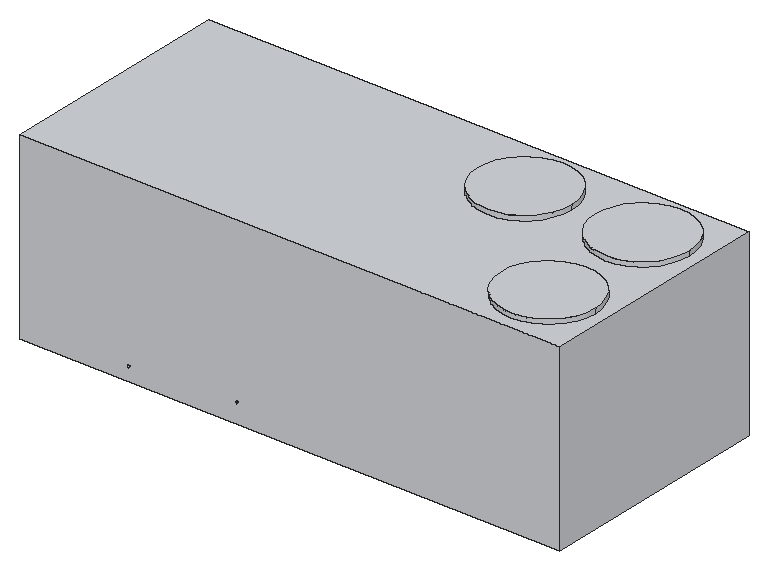
Revit family "M_Unidades AC da cobertura - A gás - 97-176 kW", category Equipamento mecânico, Revit 2019
Family settings
  Cota do conector redondo = Usar raio
  Tipo de parte = Normal
  Número OmniClass = 23.75.10.24.21.27.14
  Título OmniClass = Packaged Rooftop Air Conditioning Units
  ID de item do Seek = Rooftop AC Units - Gas Fired - 97-176 kW-0000-CAN-ENU
  Com base no plano de trabalho = Não
  Sempre na vertical = Sim
  Corte com vazios quando carregada = Não
  Compartilhado = Não
  Ponto de cálculo do ambiente = Não
Parameters (values of type "97 kW")
  Voltagem = 480 V
  Visibilidade 2 = no
  Visibilidade 1 = yes
  Largura da unidade = 2301.9 mm
  Material da unidade = none
  Comprimento da unidade = 5284.8 mm
  Altura da unidade = 1789.1 mm
  Largura de saída do ar de fornecimento = 1350 mm
  Altura de saída do ar de fornecimento = 1800 mm
  Largura da saída do ar de retorno = 600 mm
  Altura da saída do ar de retorno = 1950 mm
  Número de pólos = 3
  Classificação de carga = Refrigeração
  Comprimento 2 = 0.5 * Largura da unidade  # 1150.95 mm
  Comprimento 1 = 0.25 * Largura da unidade  # 575.475 mm
  Saída do aquecimento = 142432.5 W
  Entrada do aquecimento = 175842.6 W
  Raio do gás = Diâmetro do gás / 2  # 15 mm
  Queda de pressão do gás [instance] = 3488.75 Pa
  Fluxo de gás [instance] = 0.0 L/s
  Diâmetro do gás = 30 mm
  Raio do ventilador = Largura da unidade * 0.2  # 460.38 mm
  Raio da drenagem = Diâmetro da drenagem / 2  # 15 mm
  Fluxo da drenagem [instance] = 0.0 L/s
  Diâmetro da drenagem = 30 mm
  Distância = 1308.1 mm
  C4 Deslocamento 2 = 136.5 mm
  C4 Deslocamento 1 = 1066.8 mm
  C3 Deslocamento 1 = 2128.8 mm
  Carga aparente = 11814.4 VA
  Queda de pressão do ar [instance] = 311.05 Pa
  Fluxo de ar [instance] = 5663.37 L/s
Types (6, lengths in mm): name | Visibilidade 2 | Visibilidade 1 | Comprimento da unidade | Altura da unidade | Saída do aquecimento | Entrada do aquecimento | Distância | C4 Deslocamento 2 | C4 Deslocamento 1 | C3 Deslocamento 1 | Carga aparente | Queda de pressão do ar | Fluxo de ar
  (no name) | no | yes | 5284.8 | 1789.1 | 142432.5 W | 175842.6 W | 1308.1 | 136.5 | 1066.8 | 2128.8 | 11814.4 VA | 311.05 Pa | 5663.37 L/s
  97 kW | no | yes | 5284.8 | 1789.1 | 142432.5 W | 175842.6 W | 1308.1 | 136.5 | 1066.8 | 2128.8 | 11814.4 VA | 311.05 Pa | 5663.37 L/s
  105 kW | no | yes | 5284.8 | 1789.1 | 142432.5 W | 175842.6 W | 1308.1 | 136.5 | 1066.8 | 2128.8 | 11814.4 VA | 373.26 Pa | 6135.32 L/s
  123 kW | no | yes | 5284.8 | 1789.1 | 142432.5 W | 175842.6 W | 1308.1 | 136.5 | 1066.8 | 2128.8 | 13083.2 VA | 435.47 Pa | 6843.24 L/s
  141 kW | yes | no | 5902.3 | 1955.8 | 189910 W | 234456.9 W | 1360.5 | 134.9 | 1258.9 | 2371.7 | 13811.2 VA | 497.68 Pa | 8023.11 L/s
  176 kW | yes | no | 5902.3 | 1955.8 | 189910 W | 234456.9 W | 1360.5 | 134.9 | 1258.9 | 2371.7 | 15100.8 VA | 559.89 Pa | 9438.95 L/s
Reference planes
  plane 1 "Centro (Frente/Trás)": y = 0
  plane 2: z = 0
  plane 3 "Centro (Esquerda/Direita)": x = 0
  plane 4: x = 5284.8
  plane 5: y = 2301.9
  plane 6: z = 1789.1
  plane 7: y = 2122.512
  plane 8: y = 172.512
  plane 9: y = 322.512
  plane 10: x = 180.975
  plane 11: x = 780.975
  plane 12: x = 2089.075
  plane 13: x = 3439.075
  plane 14: y = 1150.95
  plane 15: y = 1726.425
  plane 16: y = 575.475
  plane 17: x = 4709.325
  plane 18: x = 3558.375
  plane 19: z = 25.4
  plane 20: z = 1833.55
  plane 21: x = 1066.8
  plane 22: x = 2128.8
  plane 23: z = 192.088
  plane 24: z = 136.5
  plane 25: y = 12.7
  plane 26: z = 254
  plane 27: y = 127
  plane 28: x = 5259.4
Forms (mm)
  Extrusion 1, solid, material <- "Material da unidade"
    sketch origin (0, 0, 0) x (1, 0, 0) y (0, 1, 0)
      loop
        line (0, 2301.9) -> (0, 0) -> (5284.8, 0) -> (5284.8, 2301.9) -> (0, 2301.9)
    from 0 to 1789.1
  Extrusion 2, void
    sketch origin (0, 0, 0) x (1, 0, 0) y (0, 1, 0)
      loop
        line (180.975, 2122.512) -> (180.975, 172.512) -> (780.975, 172.512) -> (780.975, 2122.512) -> (180.975, 2122.512)
      loop
        line (2089.075, 2122.512) -> (2089.075, 322.512) -> (3439.075, 322.512) -> (3439.075, 2122.512) -> (2089.075, 2122.512)
    from 0 to 25.4
  Extrusion 3, solid, material <- "Material da unidade"
    sketch origin (0, 0, 0) x (1, 0, 0) y (0, 1, 0)
      loop
        circle (4709.325, 1726.425) r 460.38
    from 1789.1 to 1833.55
  Extrusion 4, solid, material <- "Material da unidade"
    sketch origin (0, 0, 0) x (1, 0, 0) y (0, 1, 0)
      loop
        circle (4709.325, 575.475) r 460.38
    from 1789.1 to 1833.55
  Extrusion 5, solid, material <- "Material da unidade"
    sketch origin (0, 0, 0) x (1, 0, 0) y (0, 1, 0)
      loop
        circle (3558.375, 1726.425) r 460.38
    from 1789.1 to 1833.55
  Extrusion 6, solid, material <- "Material da unidade", visible <- "Visibilidade 2"
    sketch origin (0, 0, 0) x (1, 0, 0) y (0, 1, 0)
      loop
        circle (3558.375, 575.475) r 460.38
    from 1789.1 to 1833.55
  Extrusion 7, void
    sketch origin (0, 0, 0) x (1, 0, 0) y (0, 0, 1)
      loop
        circle (1066.8, 136.5) r 15
    from -12.7 to 0
  Extrusion 8, void
    sketch origin (0, 0, 0) x (1, 0, 0) y (0, 0, 1)
      loop
        circle (2128.8, 192.088) r 15
    from -12.7 to 0
  Extrusion 9, solid, material <- "Material da unidade"
    sketch origin (0, 0, 0) x (0, 1, 0) y (0, 0, 1)
      loop
        circle (127, 254) r 25.4
    from 5259.4 to 5284.8
Cuts and joins
  Extrusion 2, Extrusion 7, Extrusion 8 cuts Extrusion 1
  joined: Extrusion 1, Extrusion 9
Dimensions and locks
  "Comprimento da unidade": plane 3 "Centro (Esquerda/Direita)" to plane 4
  "Largura da unidade": plane 5 to plane 1 "Centro (Frente/Trás)"
  "Altura da unidade": plane 6 to level
  locked: plane 5 to plane 7 at 179.388
  "Altura da saída do ar de retorno": plane 7 to plane 8
  "Altura de saída do ar de fornecimento": plane 7 to plane 9
  locked: plane 3 "Centro (Esquerda/Direita)" to plane 10 at 180.975
  "Largura da saída do ar de retorno": plane 10 to plane 11
  "Distância": plane 11 to plane 12
  "Largura de saída do ar de fornecimento": plane 12 to plane 13
  equal spacing: plane 5, plane 15, plane 14, plane 16, plane 1 "Centro (Frente/Trás)"
  "Comprimento 1": plane 17 to plane 4
  "Comprimento 2": plane 18 to plane 17
  locked: plane 19 to level at 25.4
  locked: plane 20 to plane 6 at 44.45
  "C4 Deslocamento 1": plane 21 to plane 3 "Centro (Esquerda/Direita)"
  "C3 Deslocamento 1": plane 22 to plane 3 "Centro (Esquerda/Direita)"
  "C4 Deslocamento 2": plane 24 to level
  locked: plane 23 to level at 192.088
  locked: plane 25 to plane 1 "Centro (Frente/Trás)" at 12.7
  locked: plane 1 "Centro (Frente/Trás)" to plane 27 at 127
  locked: plane 26 to level at 254
  locked: plane 28 to plane 4 at 25.4
  "Raio do ventilador": radius of Extrusion 3 sketch curve
  "Raio do ventilador": radius of Extrusion 4 sketch curve
  "Raio do ventilador": radius of Extrusion 5 sketch curve
  "Raio do ventilador": radius of Extrusion 6 sketch curve
  "Raio da drenagem": radius of Extrusion 7 sketch curve
  "Raio do gás": radius of Extrusion 8 sketch curve
  aligned and locked: plane 3 "Centro (Esquerda/Direita)" to Extrusion 1 sketch curve
  aligned and locked: Extrusion 1 sketch curve to plane 5
  aligned and locked: plane 1 "Centro (Frente/Trás)" to Extrusion 1 sketch curve
  aligned and locked: plane 4 to Extrusion 1 sketch curve
  aligned and locked: plane 6 to Extrusion 1
  aligned and locked: Extrusion 1 to plane 2
  aligned and locked: plane 10 to Extrusion 2 sketch curve
  aligned and locked: Extrusion 2 sketch curve to plane 7  (x2)
  aligned and locked: Extrusion 2 sketch curve to plane 11
  aligned and locked: plane 12 to Extrusion 2 sketch curve  (x2)
  aligned and locked: Extrusion 2 sketch curve to plane 13
  aligned and locked: plane 9 to Extrusion 2 sketch curve
  aligned and locked: plane 8 to Extrusion 2 sketch curve
  aligned and locked: plane 15 to Extrusion 3 sketch curve
  aligned and locked: plane 17 to Extrusion 3 sketch curve
  aligned and locked: plane 16 to Extrusion 4 sketch curve
  aligned and locked: plane 17 to Extrusion 4 sketch curve
  aligned and locked: plane 15 to Extrusion 5 sketch curve
  aligned and locked: plane 18 to Extrusion 5 sketch curve
  aligned and locked: plane 16 to Extrusion 6 sketch curve
  aligned and locked: plane 18 to Extrusion 6 sketch curve
  aligned and locked: plane 19 to cut or joined group of Extrusion 1, Extrusion 2, Extrusion 7, Extrusion 8, Extrusion 9
  aligned and locked: plane 2 to cut or joined group of Extrusion 1, Extrusion 2, Extrusion 7, Extrusion 8, Extrusion 9  (x2)
  aligned and locked: cut or joined group of Extrusion 1, Extrusion 2, Extrusion 7, Extrusion 8, Extrusion 9 to plane 19
  aligned and locked: plane 20 to Extrusion 6
  aligned and locked: Extrusion 6 to plane 6
  aligned and locked: plane 20 to Extrusion 5
  aligned and locked: Extrusion 5 to plane 6
  aligned and locked: plane 20 to Extrusion 4
  aligned and locked: Extrusion 4 to plane 6
  aligned and locked: plane 20 to Extrusion 3
  aligned and locked: Extrusion 3 to plane 6
  aligned and locked: plane 24 to Extrusion 7 sketch curve
  aligned and locked: plane 21 to Extrusion 7 sketch curve
  aligned and locked: plane 23 to Extrusion 8 sketch curve
  aligned and locked: plane 22 to Extrusion 8 sketch curve
  aligned and locked: plane 25 to Extrusion 7
  aligned and locked: plane 1 "Centro (Frente/Trás)" to Extrusion 7
  aligned and locked: plane 25 to Extrusion 8
  aligned and locked: plane 1 "Centro (Frente/Trás)" to cut or joined group of Extrusion 1, Extrusion 2, Extrusion 7, Extrusion 8, Extrusion 9  (x2)
  aligned and locked: plane 26 to Extrusion 9 sketch curve
  aligned and locked: Extrusion 9 to plane 4
  aligned and locked: plane 28 to Extrusion 9
  aligned and locked: plane 1 "Centro (Frente/Trás)" to Extrusion 8
Automatic sketch dimensions
  Extrusion 9 sketch curve to plane 27 = 0 mm
  radius of Extrusion 9 sketch curve = 25.4 mm
Connectors
  hvac at (2764.075, 1222.512, 0), driven by "Fluxo de ar", driven by "Altura de saída do ar de fornecimento", driven by "Largura de saída do ar de fornecimento"
    settings: on cut or joined group of Extrusion 1, Extrusion 2, Extrusion 7, Extrusion 8, Extrusion 9, index 1, duct flow 5663.37 L/s, flow factor 0, pres drop 0.0 Pa, loss coef 0, conn angle 0.00°, conn width 1350 mm, conn height 1800 mm, conn diameter 609.6 mm, duct sys type 1, conn prof type 1, flow config 0, flow direction 2, loss method 0, conn ref index 2, conn util no, is conn primary yes, conn desc ""
  hvac at (480.975, 1147.512, 0), driven by "Fluxo de ar", driven by "Altura da saída do ar de retorno", driven by "Largura da saída do ar de retorno"
    settings: on cut or joined group of Extrusion 1, Extrusion 2, Extrusion 7, Extrusion 8, Extrusion 9, index 2, duct flow 5663.37 L/s, flow factor 0, pres drop 0.0 Pa, loss coef 0, conn angle 0.00°, conn width 600 mm, conn height 1950 mm, conn diameter 609.6 mm, duct sys type 2, conn prof type 1, flow config 0, flow direction 1, loss method 0, conn ref index 1, conn util no, is conn primary no, conn desc ""
  piping at (2128.8, 0, 192.088), diameter 30, driven by "Fluxo de gás", driven by "Raio do gás", driven by "Queda de pressão do gás"
    settings: on cut or joined group of Extrusion 1, Extrusion 2, Extrusion 7, Extrusion 8, Extrusion 9, index 3, connector inside diameter 30 mm, connector length 0 mm, flow factor 0, pipe flow 0.0 L/s, pressure drop 3488.75 Pa, fitting loss kfactor 0, connector angle 0.00°, fixture units 0, engagement length 0 mm, angle of deflection 0.00°, flow configuration 1, flow direction 1, fitting loss method 4, system type 22, joint type 0, gender type 0, connector reference index -1, connector utility 0, adjustable connector no, is connector primary yes, connector description "Entrada de gás"
  piping at (1066.8, 0, 136.5), diameter 30, driven by "Fluxo da drenagem", driven by "Raio da drenagem"
    settings: on cut or joined group of Extrusion 1, Extrusion 2, Extrusion 7, Extrusion 8, Extrusion 9, index 4, connector inside diameter 30 mm, connector length 0 mm, flow factor 0, pipe flow 0.0 L/s, pressure drop 0.0 Pa, fitting loss kfactor 0, connector angle 0.00°, fixture units 0, engagement length 0 mm, angle of deflection 0.00°, flow configuration 1, flow direction 2, fitting loss method 0, system type 16, joint type 0, gender type 0, connector reference index -1, connector utility 0, adjustable connector yes, is connector primary no, connector description "Saída da drenagem"
  electrical at (5284.8, 127, 254), driven by "Carga aparente", driven by "Voltagem", driven by "Número de pólos", driven by "Classificação de carga"
    settings: on Extrusion 9, index 5, voltage 480 V, apparent load 11814.4 VA, apparent load phase1 0 VA, apparent load phase2 0 VA, apparent load phase3 0 VA, power factor 0.8, load classification "Refrigeração", number of poles 3, system type 30, power factor state 1, is connector primary yes, connector utility no, sub classification motor no, connector description ""
